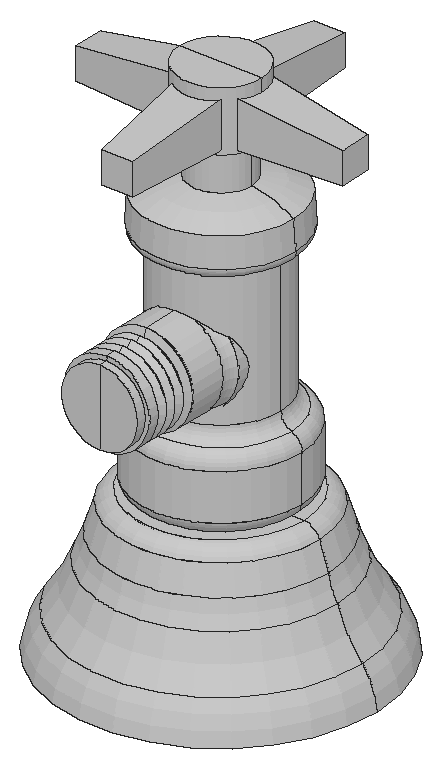
Revit family "967150001_Regulación Plastica con Griflex Lavamanos-Lavaplatos", category Aparatos sanitarios, Revit 2019
Family settings
  Cota de conector redondo = Diámetro de uso
  Tipo de pieza = Normal
  Número OmniClass = 23.33.49.23
  Título OmniClass = Grilles
  Se basa en plano de trabajo = No
  Siempre vertical = Sí
  Corte con vacíos al cargar = No
  Compartido = No
  Punto de cálculo de habitación = No
Parameters
  Vida útil del cartucho ó unidad de cierre = "2000 ciclos a 138 kPa (20 psi)."  # constant formula
  URL = "https://www.grival.com/soluciones-para-agua/acoples-y-reguladores/kits-reguladores-de-agua/regulacion-plastica-con-griflex-lavamanos-lavaplatos/"
  Temperatura de uso = "De 4° C A 66° C (40° F y 150° F)."  # constant formula
  Resistencia de la man\u001fa al torque superior = "51 N-m (45 Lb-pulg)."  # constant formula
  Profundidad = 65 mm
  Presion minima = "138 kPa (20 psi)."  # constant formula
  Presion maxima = "860 kPa (125 psi)."  # constant formula
  Material = Corona_Laton
  Fabricante = "Grival"  # constant formula
  Fecha de creación = "27/07/2020"  # constant formula
  Descripción = "Para la fabricación de este producto se utilizan materiales, equipos\r\ny tecnologías de última generación, que permiten ofrecer un artículo\r\ncon los más altos estándares de calidad."
  Creado por = "IDD"  # constant formula
  Capacidad de flujo = "máximo 36 L/min.( 9,6gpm) a 138 kPa (20 psi)."  # constant formula
  Ancho = 64 mm
  Alto = 111.1 mm
Reference planes
  plane 1 "Center (Front/Back)": y = 0
  plane 2: z = 0
  plane 3 "Center (Left/Right)": x = 0
  plane 4: z = 111.1
  plane 5 "Center L/S": x = 32
  plane 6 "Center L/T": x = -32
  plane 7: y = 32.5
  plane 8: y = -32.5
  plane 9 "Center L/U": x = 28.3
  plane 10 "Center L/V": x = -27.369
  plane 11: y = -27.859
  plane 12: y = 27.859
Forms (mm)
  Revolve 1, solid, material "Corona_Laton" <- "Material", detail levels medium+fine
    sketch origin (-5.469, 0, 0) x (1, 0, 0) y (0, 0, 1)
      loop
        arc (-12.15, 30.663) -> (-14.09, 29.841) -> (-15.376, 28.173) r 4.151
        arc (-15.376, 28.173) -> (-16.426, 25.43) -> (-17.212, 22.599) r 34.072
        arc (-17.212, 22.599) -> (-18.028, 19.901) -> (-19.192, 17.334) r 21.374
        arc (-19.192, 17.334) -> (-21.402, 12.365) -> (-24.423, 7.842) r 31.951
        arc (-24.423, 7.842) -> (-26.517, 4.124) -> (-27.614, 0) r 16.928
        line (-27.614, 0) -> (5.486, 0) -> (5.486, 111.106) -> (-3.168, 111.106) -> (-3.168, 98.333) -> (-0.996, 98.333) -> (-0.996, 89.988)
        arc (-0.996, 89.988) -> (-5.653, 88.898) -> (-9.994, 86.889) r 23.554
        line (-9.994, 86.889) -> (-10.264, 80.695)
        arc (-10.264, 80.695) -> (-9.951, 79.543) -> (-9.002, 78.818) r 1.862
        line (-9.002, 78.818) -> (-7.205, 78.818) -> (-7.205, 49.635)
        arc (-7.205, 49.635) -> (-7.818, 47.718) -> (-9.429, 46.512) r 3.305
        arc (-9.429, 46.512) -> (-11.004, 45.236) -> (-11.597, 43.298) r 3.466
        line (-11.597, 43.298) -> (-11.597, 33.504)
        arc (-11.597, 33.504) -> (-10.713, 31.728) -> (-9.039, 30.663) r 3.704
        line (-9.039, 30.663) -> (-12.15, 30.663)
      axis (5.486, 111.106) -> (5.486, 0)
    angle from 0 to 360
  Blend 2, solid, material "Corona_Laton" <- "Material", detail levels medium+fine
    base sketch origin (0.547, -0.009, 32.26) x (1, 0, 0) y (0, 0, -1)
      loop
        line (-5.3, -77.5) -> (5.3, -77.5) -> (5.3, -66.9) -> (-5.3, -66.9) -> (-5.3, -77.5)
    top sketch origin (0.547, -0.009, 32.26) x (1, 0, 0) y (0, 0, -1)
      loop
        line (-3.3, -73.492) -> (3.3, -73.492) -> (3.3, -66.892) -> (-3.3, -66.892) -> (-3.3, -73.492)
    from 0 to 27.867
  Blend 3, solid, material "Corona_Laton" <- "Material", detail levels medium+fine
    base sketch origin (0.547, 0.009, 32.26) x (1, 0, 0) y (0, 0, 1)
      loop
        line (-5.3, 77.5) -> (-5.3, 66.9) -> (5.3, 66.9) -> (5.3, 77.5) -> (-5.3, 77.5)
    top sketch origin (0.547, 0.009, 32.26) x (1, 0, 0) y (0, 0, 1)
      loop
        line (-3.3, 73.492) -> (-3.3, 66.892) -> (3.3, 66.892) -> (3.3, 73.492) -> (-3.3, 73.492)
    from 0 to 27.867
  Blend 4, solid, material "Corona_Laton" <- "Material", detail levels medium+fine
    base sketch origin (-0.009, 0, 32.26) x (0, -1, 0) y (0, 0, -1)
      loop
        line (-5.3, -77.5) -> (5.3, -77.5) -> (5.3, -66.9) -> (-5.3, -66.9) -> (-5.3, -77.5)
    top sketch origin (-0.009, 0, 32.26) x (0, -1, 0) y (0, 0, -1)
      loop
        line (-3.3, -73.492) -> (3.3, -73.492) -> (3.3, -66.892) -> (-3.3, -66.892) -> (-3.3, -73.492)
    from 0 to 28.308
  Blend 5, solid, material "Corona_Laton" <- "Material", detail levels medium+fine
    base sketch origin (0.009, 0, 32.26) x (0, -1, 0) y (0, 0, 1)
      loop
        line (-5.3, 77.5) -> (-5.3, 66.9) -> (5.3, 66.9) -> (5.3, 77.5) -> (-5.3, 77.5)
    top sketch origin (0.009, 0, 32.26) x (0, -1, 0) y (0, 0, 1)
      loop
        line (-3.3, 73.492) -> (-3.3, 66.892) -> (3.3, 66.892) -> (3.3, 73.492) -> (-3.3, 73.492)
    from 0 to 27.867
  Revolve 6, solid, material "Corona_Laton" <- "Material", detail levels medium+fine
    sketch origin (0.51, 0, 0) x (0, 1, 0) y (0, 0, 1)
      loop
        line (-12.174, 69.905) -> (-20.164, 69.905) -> (-20.8, 68.113) -> (-21.881, 69.195) -> (-23.071, 68.197) -> (-24.184, 69.309) -> (-25.32, 68.172) -> (-26.343, 69.196) -> (-27.623, 68.122) -> (-28.529, 69.202) -> (-30.684, 69.202) -> (-30.684, 68.257) -> (-32.5, 68.257) -> (-32.5, 60.219) -> (-3.187, 60.219) -> (-3.187, 70.657) -> (-8.967, 70.657)
        arc (-8.967, 70.657) -> (-10.506, 70.008) -> (-12.174, 69.905) r 4.969
      axis (-3.187, 60.219) -> (-32.5, 60.219)
    angle from 0 to 360
  Extrusion 7, solid, material "Corona_Laton" <- "Material", detail levels coarse
    sketch origin (0, 0, 0) x (1, 0, 0) y (0, 0, 1)
      loop
        line (-32, 111.1) -> (-32, 0) -> (32, 0) -> (32, 111.1) -> (-32, 111.1)
    from -32.5 to 32.5
Dimensions and locks
  "Alto": plane 4 to level
  "Ancho": plane 5 "Center L/S" to plane 6 "Center L/T"
  "Profundidad": plane 7 to plane 8
  plane 9 "Center L/U" to plane 10 "Center L/V" = 55.669 mm
  plane 12 to plane 11 = 55.717 mm
  aligned and locked: level to plane 2
  aligned and locked: Extrusion 7 sketch curve to plane 4
  aligned and locked: plane 6 "Center L/T" to Extrusion 7 sketch curve
  aligned and locked: level to Extrusion 7 sketch curve
  aligned and locked: Extrusion 7 sketch curve to plane 5 "Center L/S"
  aligned and locked: plane 7 to Extrusion 7
  aligned and locked: Extrusion 7 to plane 8
Automatic sketch dimensions
  Blend 2 sketch curve to plane 3 "Center (Left/Right)" = 4.753 mm
  plane 3 "Center (Left/Right)" to Blend 2 sketch curve = 5.847 mm
  Blend 2 sketch curve to plane 4 = 1.34 mm
  Blend 2 sketch curve to Blend 2 sketch curve = 10.6 mm
  Blend 2 sketch curve to plane 3 "Center (Left/Right)" = 2.753 mm
  plane 3 "Center (Left/Right)" to Blend 2 sketch curve = 3.847 mm
  Blend 2 sketch curve to plane 4 = 5.348 mm
  Blend 2 sketch curve to Blend 2 sketch curve = 6.6 mm
  Blend 3 sketch curve to plane 3 "Center (Left/Right)" = 4.753 mm
  plane 3 "Center (Left/Right)" to Blend 3 sketch curve = 5.847 mm
  Blend 3 sketch curve to plane 4 = 11.94 mm
  Blend 3 sketch curve to plane 4 = 1.34 mm
  Blend 3 sketch curve to plane 3 "Center (Left/Right)" = 2.753 mm
  plane 3 "Center (Left/Right)" to Blend 3 sketch curve = 3.847 mm
  Blend 3 sketch curve to plane 4 = 11.948 mm
  Blend 3 sketch curve to plane 4 = 5.348 mm
  Blend 4 sketch curve to plane 1 "Center (Front/Back)" = 5.3 mm
  plane 1 "Center (Front/Back)" to Blend 4 sketch curve = 5.3 mm
  Blend 4 sketch curve to plane 4 = 1.34 mm
  Blend 4 sketch curve to Blend 4 sketch curve = 10.6 mm
  Blend 4 sketch curve to plane 1 "Center (Front/Back)" = 3.3 mm
  plane 1 "Center (Front/Back)" to Blend 4 sketch curve = 3.3 mm
  Blend 4 sketch curve to plane 4 = 5.348 mm
  Blend 4 sketch curve to Blend 4 sketch curve = 6.6 mm
  Blend 5 sketch curve to plane 1 "Center (Front/Back)" = 5.3 mm
  plane 1 "Center (Front/Back)" to Blend 5 sketch curve = 5.3 mm
  Blend 5 sketch curve to plane 4 = 11.94 mm
  Blend 5 sketch curve to plane 4 = 1.34 mm
  Blend 5 sketch curve to plane 1 "Center (Front/Back)" = 3.3 mm
  plane 1 "Center (Front/Back)" to Blend 5 sketch curve = 3.3 mm
  Blend 5 sketch curve to plane 4 = 11.948 mm
  Blend 5 sketch curve to plane 4 = 5.348 mm
  Revolve 6 sketch curve to plane 8 = 0 mm
  plane 8 to Revolve 6 sketch curve = 1.816 mm
  Revolve 6 sketch curve to plane 11 = 0.67 mm
  plane 11 to Revolve 6 sketch curve = 0.236 mm
  plane 11 to Revolve 6 sketch curve = 1.515 mm
  Revolve 6 sketch curve to Revolve 6 sketch curve = 1.023 mm
  Revolve 6 sketch curve to Revolve 6 sketch curve = 1.137 mm
  Revolve 6 sketch curve to Revolve 6 sketch curve = 1.112 mm
  Revolve 6 sketch curve to Revolve 6 sketch curve = 1.19 mm
  Revolve 6 sketch curve to Revolve 6 sketch curve = 1.082 mm  (x2)
  Revolve 6 sketch curve to Revolve 6 sketch curve = 1.718 mm
  Revolve 6 sketch curve to Revolve 6 sketch curve = 7.99 mm
  Revolve 6 sketch curve to Revolve 6 sketch curve = 0.534 mm
  Revolve 6 sketch curve to Revolve 6 sketch curve = 3.207 mm
  plane 1 "Center (Front/Back)" to Revolve 6 sketch curve = 3.187 mm
  Revolve 6 sketch curve to plane 4 = 50.881 mm
  Revolve 6 sketch curve to Revolve 6 sketch curve = 7.894 mm
  Revolve 6 sketch curve to Revolve 6 sketch curve = 0.009 mm
  Revolve 6 sketch curve to Revolve 6 sketch curve = 0.05 mm
  Revolve 6 sketch curve to Revolve 6 sketch curve = 0.024 mm
  Revolve 6 sketch curve to Revolve 6 sketch curve = 0.946 mm
  Revolve 6 sketch curve to Revolve 6 sketch curve = 0.71 mm
  Revolve 6 sketch curve to Revolve 6 sketch curve = 0.751 mm
  Revolve 6 sketch curve to plane 8 = 0.288 mm
  Revolve 6 sketch curve to Revolve 6 sketch curve = 1.036 mm
  Revolve 6 sketch curve to Revolve 6 sketch curve = 0 mm
  Revolve 1 sketch curve to level = 0 mm
  Revolve 1 sketch curve to plane 6 "Center L/T" = 22.853 mm
  Revolve 1 sketch curve to Revolve 1 sketch curve = 11.35 mm
  Revolve 1 sketch curve to plane 6 "Center L/T" = 1.083 mm
  plane 10 "Center L/V" to Revolve 1 sketch curve = 9.751 mm
  plane 10 "Center L/V" to Revolve 1 sketch curve = 10.304 mm
  Revolve 1 sketch curve to Revolve 1 sketch curve = 0.597 mm
  Revolve 1 sketch curve to level = 2.257 mm
  plane 10 "Center L/V" to Revolve 1 sketch curve = 11.063 mm
  Revolve 1 sketch curve to Revolve 1 sketch curve = 1.087 mm
  plane 10 "Center L/V" to Revolve 1 sketch curve = 11.636 mm
  Revolve 1 sketch curve to Revolve 1 sketch curve = 0.27 mm
  Revolve 1 sketch curve to Revolve 1 sketch curve = 3.111 mm
  Revolve 1 sketch curve to Revolve 1 sketch curve = 1.262 mm
  Revolve 1 sketch curve to Revolve 1 sketch curve = 1.859 mm
  Revolve 1 sketch curve to Revolve 1 sketch curve = 3.466 mm
  Revolve 1 sketch curve to Revolve 1 sketch curve = 3.637 mm
  Revolve 1 sketch curve to Revolve 1 sketch curve = 1.797 mm
  Revolve 1 sketch curve to plane 3 "Center (Left/Right)" = 8.636 mm
  Revolve 1 sketch curve to plane 3 "Center (Left/Right)" = 6.465 mm
  Revolve 1 sketch curve to plane 3 "Center (Left/Right)" = 3.454 mm
  plane 4 to Revolve 1 sketch curve = 0.006 mm
  plane 3 "Center (Left/Right)" to Revolve 1 sketch curve = 0.017 mm  (x2)
  plane 3 "Center (Left/Right)" to Revolve 1 sketch curve = 10.512 mm
  level to Revolve 1 sketch curve = 14.908 mm
  level to Revolve 1 sketch curve = 26.555 mm
  Revolve 1 sketch curve to Revolve 1 sketch curve = 0.868 mm
  Revolve 1 sketch curve to Revolve 1 sketch curve = 0.363 mm
  Revolve 1 sketch curve to Revolve 1 sketch curve = 4.108 mm
  Revolve 1 sketch curve to Revolve 1 sketch curve = 2.841 mm
  Revolve 1 sketch curve to Revolve 1 sketch curve = 9.091 mm
  Revolve 1 sketch curve to Revolve 1 sketch curve = 6.337 mm
  Revolve 1 sketch curve to Revolve 1 sketch curve = 16.992 mm
  Revolve 1 sketch curve to Revolve 1 sketch curve = 12.191 mm
  Revolve 1 sketch curve to Revolve 1 sketch curve = 1.764 mm
  Revolve 1 sketch curve to Revolve 1 sketch curve = 6.194 mm
  Revolve 1 sketch curve to Revolve 1 sketch curve = 8.346 mm
  plane 6 "Center L/T" to Revolve 1 sketch curve = 2.108 mm
  plane 10 "Center L/V" to Revolve 1 sketch curve = 2.709 mm
  Revolve 1 sketch curve to Revolve 1 sketch curve = 0 mm
  Revolve 1 sketch curve to Revolve 1 sketch curve = 3.25 mm
  Revolve 1 sketch curve to Revolve 1 sketch curve = 0.023 mm
  Revolve 1 sketch curve to Revolve 1 sketch curve = 9.193 mm
  Revolve 1 sketch curve to Revolve 1 sketch curve = 0.688 mm
Nested families
  nested 1: "Family8" at (0, 0, 0) x (0, -1, 0) z (1, 0, 0), type "Family8"
  nested 2: "Family9" at (0, 0, 0) x (1, 0, 0) z (0, -1, 0), type "Family9"
  nested 3: "Family10" at (0, 0, 0), type "Family10"
Definition of nested family "Family8"
  Reference planes
    plane 1 "Center (Front/Back)": y = 0
    plane 2: z = 0
    plane 3 "Center (Left/Right)": x = 0
  Lines and regions (mm)
    detail lines, in view "Ref. Level"
      curve 1: line (19.187, 30.338, 0) -> (-16.816, 30.338, 0)
      curve 2: line (20.684, 68.512, 0) -> (20.684, 49.593, 0)
      curve 3: line (22.027, 69.123, 0) -> (22.84, 49.107, 0)
      curve 4: line (24.181, 69.161, 0) -> (24.995, 49.107, 0)
      curve 5: line (26.334, 69.199, 0) -> (27.15, 49.107, 0)
      curve 6: line (28.488, 69.238, 0) -> (29.306, 49.107, 0)
      curve 7: line (30.642, 69.276, 0) -> (31.327, 50.224, 0)
      curve 8: line (31.829, 68.388, 0) -> (32.481, 50.228, 0)
      curve 9: line (12.595, 78.831, 0) -> (-12.595, 78.831, 0)
      curve 10: line (15.356, 79.909, 0) -> (-15.813, 79.909, 0)
      curve 11: line (15.356, 85.634, 0) -> (-15.813, 85.634, 0)
      curve 12: line (-5.186, 89.877, 0) -> (5.186, 89.877, 0)
      curve 13: line (-5.59, 98.835, 0) -> (5.119, 98.835, 0)
      curve 14: arc (-26.414, 107.532, 0) -> (-27.287, 106.92, 0) -> (-27.898, 106.047, 0) r 3.069
      curve 15: line (-27.898, 106.047, 0) -> (-27.898, 98.333, 0)
      curve 16: line (-27.898, 98.333, 0) -> (-5.203, 98.333, 0)
      curve 17: line (-5.203, 98.333, 0) -> (-5.203, 90.375, 0)
      curve 18: arc (-5.203, 90.375, 0) -> (-10.672, 89.29, 0) -> (-15.813, 87.131, 0) r 27.701
      curve 19: line (-15.813, 87.131, 0) -> (-15.813, 79.909, 0)
      curve 20: arc (-15.813, 79.909, 0) -> (-15.384, 79.399, 0) -> (-14.786, 79.107, 0) r 1.608
      curve 21: line (-14.786, 79.107, 0) -> (-12.595, 79.107, 0)
      curve 22: line (-12.595, 79.107, 0) -> (-12.595, 49.6, 0)
      curve 23: arc (-12.595, 49.6, 0) -> (-13.166, 47.607, 0) -> (-14.707, 46.22, 0) r 3.761
      curve 24: arc (-14.707, 46.22, 0) -> (-16.003, 45.296, 0) -> (-16.928, 43.999, 0) r 4.823
      curve 25: line (-16.928, 43.999, 0) -> (-16.928, 33.081, 0)
      curve 26: arc (-16.928, 33.081, 0) -> (-15.914, 31.715, 0) -> (-14.449, 30.849, 0) r 4.294
      curve 27: line (-14.449, 30.849, 0) -> (-17.413, 30.849, 0)
      curve 28: arc (-17.413, 30.849, 0) -> (-19.029, 30.431, 0) -> (-20.239, 29.282, 0) r 3.333
      curve 29: arc (-20.239, 29.282, 0) -> (-21.564, 26, 0) -> (-22.541, 22.599, 0) r 34.072
      curve 30: arc (-22.541, 22.599, 0) -> (-23.357, 19.901, 0) -> (-24.52, 17.334, 0) r 21.374
      curve 31: arc (-29.752, 7.842, 0) -> (-31.845, 4.124, 0) -> (-32.943, 0, 0) r 16.928
      curve 32: line (-12.595, 78.831, 0) -> (12.595, 78.831, 0)
      curve 33: line (5.186, 89.877, 0) -> (-5.186, 89.877, 0)
      curve 34: line (5.59, 98.835, 0) -> (-5.119, 98.835, 0)
      curve 35: arc (26.414, 107.532, 0) -> (27.287, 106.92, 0) -> (27.898, 106.047, 0) r 3.069
      curve 36: line (27.898, 106.047, 0) -> (27.898, 98.333, 0)
      curve 37: line (27.898, 98.333, 0) -> (5.203, 98.333, 0)
      curve 38: line (5.203, 98.333, 0) -> (5.203, 90.375, 0)
      curve 39: arc (5.203, 90.375, 0) -> (10.672, 89.29, 0) -> (15.813, 87.131, 0) r 27.701
      curve 40: line (15.813, 87.131, 0) -> (15.813, 79.909, 0)
      curve 41: arc (15.813, 79.909, 0) -> (15.384, 79.399, 0) -> (14.786, 79.107, 0) r 1.608
      curve 42: line (14.786, 79.107, 0) -> (12.595, 79.107, 0)
      curve 43: line (12.595, 79.107, 0) -> (12.595, 71.987, 0)
      curve 44: arc (14.707, 46.22, 0) -> (16.003, 45.296, 0) -> (16.928, 43.999, 0) r 4.823
      curve 45: line (16.928, 43.999, 0) -> (16.928, 33.081, 0)
      curve 46: arc (16.928, 33.081, 0) -> (15.914, 31.715, 0) -> (14.449, 30.849, 0) r 4.294
      curve 47: line (14.449, 30.849, 0) -> (17.413, 30.849, 0)
      curve 48: arc (-26.414, 107.532, 0) -> (-13.289, 109.94, 0) -> (0, 111.156, 0) r 148.004
      curve 49: arc (26.414, 107.532, 0) -> (13.289, 109.94, 0) -> (0, 111.156, 0) r 148.004
      curve 50: arc (12.595, 71.987, 0) -> (15.047, 70.389, 0) -> (17.973, 70.342, 0) r 5.279
      curve 51: line (17.973, 70.342, 0) -> (20.14, 70.342, 0)
      curve 52: line (20.14, 70.342, 0) -> (20.14, 69.089, 0)
      curve 53: line (20.14, 69.089, 0) -> (31.19, 69.286, 0)
      curve 54: line (31.19, 69.286, 0) -> (31.19, 68.388, 0)
      curve 55: line (31.19, 68.388, 0) -> (32.463, 68.388, 0)
      curve 56: line (32.463, 68.388, 0) -> (32.463, 50.224, 0)
      curve 57: line (32.463, 50.224, 0) -> (31.04, 50.224, 0)
      curve 58: line (31.04, 50.224, 0) -> (31.04, 49.107, 0)
      curve 59: line (31.04, 49.107, 0) -> (16.038, 49.107, 0)
      curve 60: arc (16.038, 49.107, 0) -> (14.867, 47.897, 0) -> (14.707, 46.22, 0) r 2.548
      curve 61: arc (17.57, 49.107, 0) -> (10.908, 59.855, 0) -> (17.973, 70.342, 0) r 11.646
      curve 62: arc (13.663, 71.044, 0) -> (8.656, 58.561, 0) -> (14.652, 46.522, 0) r 16.428
      curve 63: arc (-12.509, 88.158, 0) -> (-8.874, 87.641, 0) -> (-5.203, 87.732, 0) r 22.141
      curve 64: arc (-5.203, 87.732, 0) -> (-2.607, 87.984, 0) -> (0, 87.913, 0) r 21.009
      curve 65: arc (0, 87.913, 0) -> (2.59, 87.752, 0) -> (5.186, 87.732, 0) r 47.71
      curve 66: arc (5.186, 87.732, 0) -> (7.111, 87.635, 0) -> (9.036, 87.714, 0) r 21.117
      curve 67: arc (9.036, 87.714, 0) -> (10.733, 88.064, 0) -> (12.335, 88.723, 0) r 9.288
      curve 68: line (-10.143, 85.634, 0) -> (-10.143, 79.909, 0)
      curve 69: line (-5.879, 85.634, 0) -> (-5.879, 79.909, 0)
      curve 70: line (5.813, 85.634, 0) -> (5.813, 79.909, 0)
      curve 71: line (10.325, 85.634, 0) -> (10.325, 79.909, 0)
      curve 72: arc (-10.143, 85.634, 0) -> (-9.951, 86.721, 0) -> (-9.399, 87.678, 0) r 3.18
      curve 73: arc (-4.809, 87.791, 0) -> (-5.597, 86.838, 0) -> (-5.879, 85.634, 0) r 2.709
      curve 74: arc (5.813, 85.634, 0) -> (5.788, 86.737, 0) -> (5.292, 87.722, 0) r 2.503
      curve 75: arc (9.293, 87.746, 0) -> (10.053, 86.809, 0) -> (10.325, 85.634, 0) r 2.68
      curve 76: line (-9.541, 43.789, 0) -> (-9.541, 32.902, 0)
      curve 77: line (-6.39, 43.789, 0) -> (-6.39, 32.902, 0)
      curve 78: arc (-9.541, 43.789, 0) -> (-9.242, 44.512, 0) -> (-8.519, 44.811, 0) r 1.022
      curve 79: arc (-6.39, 43.789, 0) -> (-6.689, 44.512, 0) -> (-7.412, 44.811, 0) r 1.022
      curve 80: line (-7.412, 44.811, 0) -> (-8.519, 44.811, 0)
      curve 81: arc (-9.541, 32.902, 0) -> (-9.242, 32.179, 0) -> (-8.519, 31.879, 0) r 1.022
      curve 82: arc (-6.39, 32.902, 0) -> (-6.689, 32.179, 0) -> (-7.412, 31.879, 0) r 1.022
      curve 83: line (-7.412, 31.879, 0) -> (-8.519, 31.879, 0)
      curve 84: line (9.776, 43.789, 0) -> (9.776, 32.902, 0)
      curve 85: line (6.624, 43.789, 0) -> (6.624, 32.902, 0)
      curve 86: arc (9.776, 43.789, 0) -> (9.476, 44.512, 0) -> (8.753, 44.811, 0) r 1.022
      curve 87: arc (6.624, 43.789, 0) -> (6.924, 44.512, 0) -> (7.647, 44.811, 0) r 1.022
      curve 88: line (7.647, 44.811, 0) -> (8.753, 44.811, 0)
      curve 89: arc (9.776, 32.902, 0) -> (9.476, 32.179, 0) -> (8.753, 31.879, 0) r 1.022
      curve 90: arc (6.624, 32.902, 0) -> (6.924, 32.179, 0) -> (7.647, 31.879, 0) r 1.022
      curve 91: line (7.647, 31.879, 0) -> (8.753, 31.879, 0)
      curve 92: line (-3.986, 43.804, 0) -> (3.439, 43.804, 0)
      curve 93: line (-3.986, 43.804, 0) -> (3.786, 43.804, 0)
      curve 94: arc (-16.928, 43.999, 0) -> (-14.534, 44.605, 0) -> (-12.14, 43.999, 0) r 5.031
      curve 95: arc (-12.14, 43.999, 0) -> (-10.663, 43.202, 0) -> (-9.013, 42.894, 0) r 5.422
      curve 96: arc (-9.013, 42.894, 0) -> (-7.829, 42.928, 0) -> (-6.657, 43.1, 0) r 10.188
      curve 97: arc (-6.657, 43.1, 0) -> (-5.349, 43.558, 0) -> (-3.986, 43.804, 0) r 8.732
      curve 98: arc (3.786, 43.804, 0) -> (5.695, 43.188, 0) -> (7.657, 42.766, 0) r 20.005
      curve 99: arc (7.657, 42.766, 0) -> (9.7, 43.03, 0) -> (11.608, 43.804, 0) r 8.046
      curve 100: arc (11.608, 43.804, 0) -> (12.718, 43.961, 0) -> (13.839, 43.96, 0) r 7.948
      curve 101: arc (13.839, 43.96, 0) -> (15.384, 43.837, 0) -> (16.928, 43.689, 0) r 97.337
      curve 102: arc (-16.873, 32.968, 0) -> (-14.189, 32.705, 0) -> (-11.505, 32.968, 0) r 13.819
      curve 103: arc (-11.505, 32.968, 0) -> (-7.656, 33.963, 0) -> (-3.83, 32.882, 0) r 7.613
      curve 104: line (-3.83, 32.882, 0) -> (3.774, 32.882, 0)
      curve 105: arc (3.774, 32.882, 0) -> (5.243, 33.062, 0) -> (6.624, 33.592, 0) r 6.07
      curve 106: arc (6.624, 33.592, 0) -> (8.978, 33.719, 0) -> (11.274, 33.185, 0) r 8.382
      curve 107: arc (11.274, 33.185, 0) -> (12.43, 32.488, 0) -> (13.707, 32.051, 0) r 6.35
      curve 108: arc (13.707, 32.051, 0) -> (15.244, 32.226, 0) -> (16.72, 32.691, 0) r 8.068
      curve 109: arc (-16.685, 30.769, 0) -> (-14.287, 30.508, 0) -> (-11.89, 30.769, 0) r 11.141
      curve 110: arc (-11.89, 30.769, 0) -> (-8.323, 31.626, 0) -> (-4.756, 30.769, 0) r 7.849
      curve 111: line (-4.756, 30.769, 0) -> (2.975, 30.769, 0)
      curve 112: arc (2.975, 30.769, 0) -> (4.205, 31.062, 0) -> (5.403, 31.465, 0) r 14.043
      curve 113: arc (5.403, 31.465, 0) -> (7.088, 31.6, 0) -> (8.772, 31.465, 0) r 10.577
      curve 114: arc (8.772, 31.465, 0) -> (9.887, 31.079, 0) -> (10.806, 30.338, 0) r 3.426
      curve 115: arc (10.806, 30.338, 0) -> (12.954, 29.921, 0) -> (15.024, 30.633, 0) r 4.233
      curve 116: line (15.356, 109.641, 0) -> (15.356, 98.835, 0)
      curve 117: line (13.472, 98.333, 0) -> (12.932, 109.88, 0)
      curve 118: line (12.932, 109.88, 0) -> (5.119, 109.543, 0)
      curve 119: line (6.735, 98.835, 0) -> (6.406, 110.721, 0)
      curve 120: line (5.119, 109.543, 0) -> (5.119, 99.238, 0)
      curve 121: line (-3.342, 106.176, 0) -> (3.503, 106.176, 0)
      curve 122: line (-3.378, 107.254, 0) -> (3.503, 107.254, 0)
      curve 123: line (-3.501, 110.953, 0) -> (-3.099, 98.835, 0)
      curve 124: line (3.772, 110.499, 0) -> (3.502, 98.835, 0)
      curve 125: line (-4.715, 109.544, 0) -> (-4.715, 99.126, 0)
      curve 126: line (-12.923, 109.544, 0) -> (-4.715, 109.544, 0)
      curve 127: line (-5.994, 111.008, 0) -> (-6.466, 98.834, 0)
      curve 128: line (-12.9, 109.993, 0) -> (-13.47, 98.834, 0)
      curve 129: line (-15.154, 109.88, 0) -> (-15.154, 99.239, 0)
      curve 130: line (-26.414, 107.532, 0) -> (-26.715, 98.834, 0)
      curve 131: line (-32.943, 0, 0) -> (36.943, 0, 0)
      curve 132: arc (-24.52, 17.334, 0) -> (-26.73, 12.365, 0) -> (-29.752, 7.842, 0) r 31.951
      curve 133: arc (17.413, 30.849, 0) -> (19.029, 30.431, 0) -> (20.239, 29.282, 0) r 3.333
      curve 134: arc (20.239, 29.282, 0) -> (21.564, 26, 0) -> (22.541, 22.599, 0) r 34.072
      curve 135: arc (22.541, 22.599, 0) -> (23.357, 19.901, 0) -> (24.52, 17.334, 0) r 21.374
      curve 136: arc (29.752, 7.842, 0) -> (31.845, 4.124, 0) -> (32.943, 0, 0) r 16.928
      curve 137: arc (24.52, 17.334, 0) -> (26.73, 12.365, 0) -> (29.752, 7.842, 0) r 31.951
Definition of nested family "Family9"
  Reference planes
    plane 1 "Center (Front/Back)": y = 0
    plane 2: z = 0
    plane 3 "Center (Left/Right)": x = 0
  Lines and regions (mm)
    detail lines, in view "Ref. Level"
      curve 1: line (19.047, 30.338, 0) -> (-16.956, 30.338, 0)
      curve 2: line (12.455, 78.831, 0) -> (-12.735, 78.831, 0)
      curve 3: line (15.216, 79.909, 0) -> (-15.953, 79.909, 0)
      curve 4: line (15.216, 85.634, 0) -> (-15.953, 85.634, 0)
      curve 5: line (-5.327, 89.877, 0) -> (5.045, 89.877, 0)
      curve 6: line (-5.731, 98.835, 0) -> (4.978, 98.835, 0)
      curve 7: arc (-26.554, 107.532, 0) -> (-27.427, 106.92, 0) -> (-28.039, 106.047, 0) r 3.069
      curve 8: line (-28.039, 106.047, 0) -> (-28.039, 98.333, 0)
      curve 9: line (-28.039, 98.333, 0) -> (-5.343, 98.333, 0)
      curve 10: line (-5.343, 98.333, 0) -> (-5.343, 90.375, 0)
      curve 11: arc (-5.343, 90.375, 0) -> (-10.812, 89.29, 0) -> (-15.953, 87.131, 0) r 27.701
      curve 12: line (-15.953, 87.131, 0) -> (-15.953, 79.909, 0)
      curve 13: arc (-15.953, 79.909, 0) -> (-15.525, 79.399, 0) -> (-14.926, 79.107, 0) r 1.608
      curve 14: line (-14.926, 79.107, 0) -> (-12.735, 79.107, 0)
      curve 15: line (-12.735, 79.107, 0) -> (-12.735, 49.6, 0)
      curve 16: arc (-12.735, 49.6, 0) -> (-13.307, 47.607, 0) -> (-14.847, 46.22, 0) r 3.761
      curve 17: arc (-14.847, 46.22, 0) -> (-16.144, 45.296, 0) -> (-17.068, 43.999, 0) r 4.823
      curve 18: line (-17.068, 43.999, 0) -> (-17.068, 33.081, 0)
      curve 19: arc (-17.068, 33.081, 0) -> (-16.054, 31.715, 0) -> (-14.59, 30.849, 0) r 4.294
      curve 20: line (-14.59, 30.849, 0) -> (-17.553, 30.849, 0)
      curve 21: arc (-17.553, 30.849, 0) -> (-19.169, 30.431, 0) -> (-20.38, 29.282, 0) r 3.333
      curve 22: arc (-20.38, 29.282, 0) -> (-21.704, 26, 0) -> (-22.681, 22.599, 0) r 34.072
      curve 23: arc (-22.681, 22.599, 0) -> (-23.497, 19.901, 0) -> (-24.661, 17.334, 0) r 21.374
      curve 24: arc (-29.892, 7.842, 0) -> (-31.986, 4.124, 0) -> (-33.083, 0, 0) r 16.928
      curve 25: line (-12.735, 78.831, 0) -> (12.455, 78.831, 0)
      curve 26: line (5.046, 89.877, 0) -> (-5.326, 89.877, 0)
      curve 27: line (5.45, 98.835, 0) -> (-5.259, 98.835, 0)
      curve 28: arc (26.274, 107.532, 0) -> (27.147, 106.92, 0) -> (27.758, 106.047, 0) r 3.069
      curve 29: line (27.758, 106.047, 0) -> (27.758, 98.333, 0)
      curve 30: line (27.758, 98.333, 0) -> (5.062, 98.333, 0)
      curve 31: line (5.062, 98.333, 0) -> (5.062, 90.375, 0)
      curve 32: arc (5.062, 90.375, 0) -> (10.532, 89.29, 0) -> (15.673, 87.131, 0) r 27.701
      curve 33: line (15.673, 87.131, 0) -> (15.673, 79.909, 0)
      curve 34: arc (15.673, 79.909, 0) -> (15.244, 79.399, 0) -> (14.646, 79.107, 0) r 1.608
      curve 35: line (14.646, 79.107, 0) -> (12.455, 79.107, 0)
      curve 36: line (12.455, 79.107, 0) -> (12.455, 46.708, 0)
      curve 37: arc (12.455, 46.708, 0) -> (15.009, 45.975, 0) -> (16.787, 43.999, 0) r 4.823
      curve 38: line (16.787, 43.999, 0) -> (16.787, 33.081, 0)
      curve 39: arc (16.787, 33.081, 0) -> (15.774, 31.715, 0) -> (14.309, 30.849, 0) r 4.294
      curve 40: line (14.309, 30.849, 0) -> (17.273, 30.849, 0)
      curve 41: arc (-26.554, 107.532, 0) -> (-13.429, 109.94, 0) -> (-0.14, 111.156, 0) r 148.004
      curve 42: arc (26.274, 107.532, 0) -> (13.148, 109.94, 0) -> (-0.14, 111.156, 0) r 148.004
      curve 43: arc (-12.65, 88.158, 0) -> (-9.014, 87.641, 0) -> (-5.343, 87.732, 0) r 22.141
      curve 44: arc (-5.343, 87.732, 0) -> (-2.747, 87.984, 0) -> (-0.14, 87.913, 0) r 21.009
      curve 45: arc (-0.14, 87.913, 0) -> (2.45, 87.752, 0) -> (5.045, 87.732, 0) r 47.71
      curve 46: arc (5.045, 87.732, 0) -> (6.97, 87.635, 0) -> (8.896, 87.714, 0) r 21.117
      curve 47: arc (8.896, 87.714, 0) -> (10.593, 88.064, 0) -> (12.195, 88.723, 0) r 9.288
      curve 48: line (-10.284, 85.634, 0) -> (-10.284, 79.909, 0)
      curve 49: line (-6.02, 85.634, 0) -> (-6.02, 79.909, 0)
      curve 50: line (5.673, 85.634, 0) -> (5.673, 79.909, 0)
      curve 51: line (10.184, 85.634, 0) -> (10.184, 79.909, 0)
      curve 52: arc (-10.284, 85.634, 0) -> (-10.092, 86.721, 0) -> (-9.54, 87.678, 0) r 3.18
      curve 53: arc (-4.949, 87.791, 0) -> (-5.737, 86.838, 0) -> (-6.02, 85.634, 0) r 2.709
      curve 54: arc (5.673, 85.634, 0) -> (5.648, 86.737, 0) -> (5.152, 87.722, 0) r 2.503
      curve 55: arc (9.153, 87.746, 0) -> (9.913, 86.809, 0) -> (10.184, 85.634, 0) r 2.68
      curve 56: line (-9.682, 43.789, 0) -> (-9.682, 32.902, 0)
      curve 57: line (-6.53, 43.789, 0) -> (-6.53, 32.902, 0)
      curve 58: arc (-9.682, 43.789, 0) -> (-9.382, 44.512, 0) -> (-8.659, 44.811, 0) r 1.022
      curve 59: arc (-6.53, 43.789, 0) -> (-6.83, 44.512, 0) -> (-7.553, 44.811, 0) r 1.022
      curve 60: line (-7.553, 44.811, 0) -> (-8.659, 44.811, 0)
      curve 61: arc (-9.682, 32.902, 0) -> (-9.382, 32.179, 0) -> (-8.659, 31.879, 0) r 1.022
      curve 62: arc (-6.53, 32.902, 0) -> (-6.83, 32.179, 0) -> (-7.553, 31.879, 0) r 1.022
      curve 63: line (-7.553, 31.879, 0) -> (-8.659, 31.879, 0)
      curve 64: line (9.635, 43.789, 0) -> (9.635, 32.902, 0)
      curve 65: line (6.484, 43.789, 0) -> (6.484, 32.902, 0)
      curve 66: arc (9.635, 43.789, 0) -> (9.336, 44.512, 0) -> (8.613, 44.811, 0) r 1.022
      curve 67: arc (6.484, 43.789, 0) -> (6.783, 44.512, 0) -> (7.506, 44.811, 0) r 1.022
      curve 68: arc (9.635, 32.902, 0) -> (9.336, 32.179, 0) -> (8.613, 31.879, 0) r 1.022
      curve 69: arc (6.484, 32.902, 0) -> (6.783, 32.179, 0) -> (7.506, 31.879, 0) r 1.022
      curve 70: line (7.506, 31.879, 0) -> (8.613, 31.879, 0)
      curve 71: line (-4.126, 43.804, 0) -> (3.298, 43.804, 0)
      curve 72: line (-4.126, 43.804, 0) -> (3.645, 43.804, 0)
      curve 73: arc (-17.068, 43.999, 0) -> (-14.674, 44.605, 0) -> (-12.28, 43.999, 0) r 5.031
      curve 74: arc (-12.28, 43.999, 0) -> (-10.804, 43.202, 0) -> (-9.154, 42.894, 0) r 5.422
      curve 75: arc (-9.154, 42.894, 0) -> (-7.969, 42.928, 0) -> (-6.797, 43.1, 0) r 10.188
      curve 76: arc (-6.797, 43.1, 0) -> (-5.49, 43.558, 0) -> (-4.126, 43.804, 0) r 8.732
      curve 77: arc (3.645, 43.804, 0) -> (5.555, 43.188, 0) -> (7.517, 42.766, 0) r 20.005
      curve 78: arc (7.517, 42.766, 0) -> (9.559, 43.03, 0) -> (11.468, 43.804, 0) r 8.046
      curve 79: arc (11.468, 43.804, 0) -> (12.578, 43.961, 0) -> (13.698, 43.96, 0) r 7.948
      curve 80: arc (13.698, 43.96, 0) -> (15.244, 43.837, 0) -> (16.787, 43.689, 0) r 97.337
      curve 81: arc (-17.013, 32.968, 0) -> (-14.329, 32.705, 0) -> (-11.646, 32.968, 0) r 13.819
      curve 82: arc (-11.646, 32.968, 0) -> (-7.796, 33.963, 0) -> (-3.97, 32.882, 0) r 7.613
      curve 83: line (-3.97, 32.882, 0) -> (3.634, 32.882, 0)
      curve 84: arc (3.634, 32.882, 0) -> (5.102, 33.062, 0) -> (6.484, 33.592, 0) r 6.07
      curve 85: arc (6.484, 33.592, 0) -> (8.838, 33.719, 0) -> (11.134, 33.185, 0) r 8.382
      curve 86: arc (11.134, 33.185, 0) -> (12.289, 32.488, 0) -> (13.566, 32.051, 0) r 6.35
      curve 87: arc (13.566, 32.051, 0) -> (15.104, 32.226, 0) -> (16.58, 32.691, 0) r 8.068
      curve 88: arc (-16.825, 30.769, 0) -> (-14.428, 30.508, 0) -> (-12.03, 30.769, 0) r 11.141
      curve 89: arc (-12.03, 30.769, 0) -> (-8.463, 31.626, 0) -> (-4.897, 30.769, 0) r 7.849
      curve 90: line (-4.897, 30.769, 0) -> (2.835, 30.769, 0)
      curve 91: arc (2.835, 30.769, 0) -> (4.065, 31.062, 0) -> (5.263, 31.465, 0) r 14.043
      curve 92: arc (5.263, 31.465, 0) -> (6.947, 31.6, 0) -> (8.632, 31.465, 0) r 10.577
      curve 93: arc (8.632, 31.465, 0) -> (9.747, 31.079, 0) -> (10.665, 30.338, 0) r 3.426
      curve 94: arc (10.665, 30.338, 0) -> (12.814, 29.921, 0) -> (14.883, 30.633, 0) r 4.233
      curve 95: line (15.216, 109.641, 0) -> (15.216, 98.835, 0)
      curve 96: line (13.331, 98.333, 0) -> (12.791, 109.88, 0)
      curve 97: line (12.791, 109.88, 0) -> (4.978, 109.543, 0)
      curve 98: line (6.595, 98.835, 0) -> (6.266, 110.721, 0)
      curve 99: line (4.978, 109.543, 0) -> (4.978, 99.238, 0)
      curve 100: line (-3.483, 106.176, 0) -> (3.362, 106.176, 0)
      curve 101: line (-3.518, 107.254, 0) -> (3.362, 107.254, 0)
      curve 102: line (-3.641, 110.953, 0) -> (-3.239, 98.835, 0)
      curve 103: line (3.631, 110.499, 0) -> (3.362, 98.835, 0)
      curve 104: line (-4.855, 109.544, 0) -> (-4.855, 99.126, 0)
      curve 105: line (-13.063, 109.544, 0) -> (-4.855, 109.544, 0)
      curve 106: line (-6.135, 111.008, 0) -> (-6.606, 98.834, 0)
      curve 107: line (-13.04, 109.993, 0) -> (-13.611, 98.834, 0)
      curve 108: line (-15.295, 109.88, 0) -> (-15.295, 99.239, 0)
      curve 109: line (-26.554, 107.532, 0) -> (-26.855, 98.834, 0)
      curve 110: line (-33.083, 0, 0) -> (36.802, 0, 0)
      curve 111: arc (-24.661, 17.334, 0) -> (-26.871, 12.365, 0) -> (-29.892, 7.842, 0) r 31.951
      curve 112: arc (17.273, 30.849, 0) -> (18.888, 30.431, 0) -> (20.099, 29.282, 0) r 3.333
      curve 113: arc (20.099, 29.282, 0) -> (21.423, 26, 0) -> (22.4, 22.599, 0) r 34.072
      curve 114: arc (22.4, 22.599, 0) -> (23.216, 19.901, 0) -> (24.38, 17.334, 0) r 21.374
      curve 115: arc (29.611, 7.842, 0) -> (31.705, 4.124, 0) -> (32.802, 0, 0) r 16.928
      curve 116: arc (24.38, 17.334, 0) -> (26.59, 12.365, 0) -> (29.611, 7.842, 0) r 31.951
      curve 117: line (8.613, 44.811, 0) -> (7.506, 44.811, 0)
      curve 118: circle (0, 58.915, 0) r 12.385 normal (0, 0, 1)
      curve 119: circle (0, 58.915, 0) r 10.385 normal (0, 0, 1)
      curve 120: circle (0, 58.915, 0) r 8.385 normal (0, 0, 1)
      curve 121: circle (0, 58.915, 0) r 4.385 normal (0, 0, 1)
Definition of nested family "Family10"
  Reference planes
    plane 1 "Center (Front/Back)": y = 0
    plane 2: z = 0
    plane 3 "Center (Left/Right)": x = 0
  Lines and regions (mm)
    detail lines, in view "Ref. Level"
      curve 1: circle (0.037, -0.009, 0) r 6.482 normal (0, 0, 1)
      curve 2: line (5.266, 0, 0) -> (3.267, 27.85, 0)
      curve 3: line (3.267, 27.85, 0) -> (-3.333, 27.85, 0)
      curve 4: line (-3.333, 27.85, 0) -> (-5.332, -0.009, 0)
      curve 5: line (5.266, 0, 0) -> (-5.331, 0, 0)
      curve 6: line (3.267, -27.867, 0) -> (5.267, 0, 0)
      curve 7: line (-5.332, -0.009, 0) -> (-3.333, -27.867, 0)
      curve 8: line (-3.333, -27.867, 0) -> (3.267, -27.867, 0)
      curve 9: line (28.32, -3.234, 0) -> (28.32, 3.217, 0)
      curve 10: line (28.32, 3.217, 0) -> (0, 5.249, 0)
      curve 11: line (0, -5.266, 0) -> (28.32, -3.234, 0)
      curve 12: line (0, -5.266, 0) -> (0, 5.249, 0)
      curve 13: line (-27.32, -3.306, 0) -> (-27.32, 3.288, 0)
      curve 14: line (-27.32, 3.288, 0) -> (0, 5.249, 0)
      curve 15: line (0, -5.266, 0) -> (-27.32, -3.306, 0)
      curve 16: circle (0, -0.009, 0) r 32.495 normal (0, 0, 1)
      curve 17: circle (0, -0.009, 0) r 24.688 normal (0, 0, 1)
      curve 18: circle (0, -0.009, 0) r 17.627 normal (0, 0, 1)
